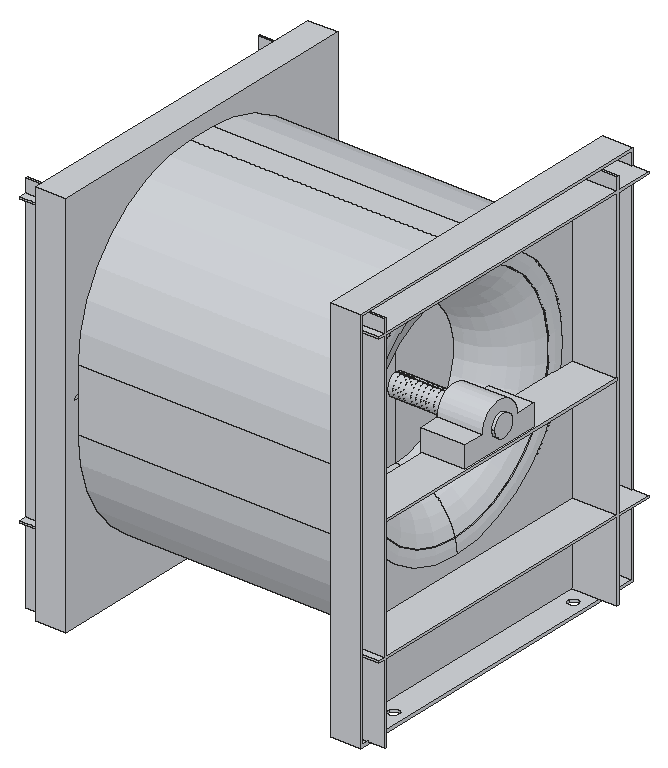
Revit family "CA-4_DWDI_ARR_3_CW_BHD", category Mechanical Equipment, Revit 2019
Family settings
  Round Connector Dimension = Use Radius
  Part Type = Normal
  Work Plane-Based = No
  Always vertical = Yes
  Cut with Voids When Loaded = No
  Shared = No
  Room Calculation Point = No
Parameters (values of type "120_CA-4_DWDI_ARR_3_CW_BHD_CLASS_1")
  T/2 = T / 2  # 11/32"
  T = 11/16"
  S = 7 1/2"
  P/2 = P / 2  # 9 31/32"
  P = 19 15/16"
  O = 9 31/32"
  N/2 = N / 2  # 23/32"
  N*2 = N * 2  # 2 7/8"
  N = 1 7/16"
  ModelID [instance] = ""
  M = 5 3/4"
  L = 28 11/16"
  J-.125" = J - 1/8"  # 1 7/8"
  J*1.5 = J * 1.5  # 3"
  INLET_RAD+1.5" = INLET_RAD + 1 1/2"  # 9 5/8"
  E-(INLET_RAD+1.5") = E - (INLET_RAD + 1 1/2")  # 5 9/16"
  E+(INLET_RAD+1.5") = E + (INLET_RAD + 1 1/2")  # 24 13/16"
  BHD_E = 10 3/4"
  Accessories [instance] = ""
  -M = -M  # -5 3/4"
  -J*1.5 = -J * 1.5  # -3"
  J = 2"
  Unit Weight [instance] = ""
  INLET_RAD/2 = INLET_RAD / 2  # 4 1/16"
  INLET_RAD = INLET_DIA / 2  # 8 1/8"
  INLET_DIA = 16 1/4"
  H = 2"
  G = 10 3/8"
  Sones [instance] = ""
  F/8 = F / 8  # 2 27/32"
  F/2 = F / 2  # 11 3/8"
  F = 22 3/4"
  Motor RPM [instance] = ""
  Motor Enclosure [instance] = ""
  LwA [instance] = ""
  Fan RPM [instance] = ""
  E = D - BHD_E  # 15 3/16"
  D/2 = D / 2  # 12 31/32"
  D = 25 15/16"
  B/2 = B / 2  # 8 27/32"
  B+.25" = B + 1/4"  # 17 15/16"
  B = 17 11/16"
  A+.25" = A + 1/4"  # 12 3/8"
  A = 12 1/8"
  3" = 3"  # constant formula
  Brake Hp [instance] = ""
  4" = 4"  # constant formula
  2' = 24"
  2" = 2"  # constant formula
  1" = 1"  # constant formula
  0 = 0"  # constant formula
  Voltage [instance] = 0 V
  URL = "www.lorencook.com"
  Type Comments = "Airfoil Centrifugal Blower Arrangement 3 Clockwise Bottom Horizontal Discharge"  # constant formula
  Static Pressure [instance] = 0.00 in-wg
  Power [instance] = Voltage * Motor FLA * sqrt(if(Phase = 3, 3, 1))  # 0 VA
  Phase [instance] = 0
  Number of Poles [instance] = 1
  Motor Hp [instance] = "0"
  Motor FLA [instance] = 0 A
  Model = "CA-4 DWDI CW BHD Class 1"
  Manufacturer = "Loren Cook Company"
  CFM [instance] = 0 CFM
  1.5 = 1 1/2"  # constant formula
  ONE EIGTH = 1/8"  # constant formula
  -L+M = -L + M  # -22 15/16"
  -B = -B  # -17 11/16"
  -(B/2)-J = -(B / 2) - J  # -10 27/32"
  -B/2 = -B / 2  # -8 27/32"
  (F/2)-S = (F / 2) - S  # 3 7/8"
  (B/2)+J = (B / 2) + J  # 10 27/32"
Types (55): name | T/2 | T | S | P/2 | P | O | N/2 | N*2 | N | M | L | J-.125" | J*1.5 | INLET_RAD+1.5" | E-(INLET_RAD+1.5") | E+(INLET_RAD+1.5") | BHD_E | -M | -J*1.5 | J | INLET_RAD/2 | INLET_RAD | INLET_DIA | H | G | F/8 | F/2 | F | E | D/2 | D | B/2 | B+.25" | B | A+.25" | A | Model | -L+M | -B | -(B/2)-J | -B/2 | (F/2)-S | (B/2)+J
  (no name) | 11/32" | 11/16" | 7 1/2" | 9 31/32" | 19 15/16" | 9 31/32" | 23/32" | 2 7/8" | 1 7/16" | 5 3/4" | 28 11/16" | 1 7/8" | 3" | 9 5/8" | 5 9/16" | 24 13/16" | 10 3/4" | -5 3/4" | -3" | 2" | 4 1/16" | 8 1/8" | 16 1/4" | 2" | 10 3/8" | 2 27/32" | 11 3/8" | 22 3/4" | 15 3/16" | 12 31/32" | 25 15/16" | 8 27/32" | 17 15/16" | 17 11/16" | 12 3/8" | 12 1/8" | "CA-4 DWDI CW BHD Class 1" | -22 15/16" | -17 11/16" | -10 27/32" | -8 27/32" | 3 7/8" | 10 27/32"
  120_CA-4_DWDI_ARR_3_CW_BHD_CLASS_1 | 11/32" | 11/16" | 7 1/2" | 9 31/32" | 19 15/16" | 9 31/32" | 23/32" | 2 7/8" | 1 7/16" | 5 3/4" | 28 11/16" | 1 7/8" | 3" | 9 5/8" | 5 9/16" | 24 13/16" | 10 3/4" | -5 3/4" | -3" | 2" | 4 1/16" | 8 1/8" | 16 1/4" | 2" | 10 3/8" | 2 27/32" | 11 3/8" | 22 3/4" | 15 3/16" | 12 31/32" | 25 15/16" | 8 27/32" | 17 15/16" | 17 11/16" | 12 3/8" | 12 1/8" | "CA-4 DWDI CW BHD Class 1" | -22 15/16" | -17 11/16" | -10 27/32" | -8 27/32" | 3 7/8" | 10 27/32"
  120_CA-4_DWDI_ARR_3_CW_BHD_CLASS_2 | 11/32" | 11/16" | 7 1/2" | 9 31/32" | 19 15/16" | 9 31/32" | 27/32" | 3 3/8" | 1 11/16" | 6 1/8" | 29 7/16" | 1 7/8" | 3" | 9 5/8" | 5 9/16" | 24 13/16" | 10 3/4" | -6 1/8" | -3" | 2" | 4 1/16" | 8 1/8" | 16 1/4" | 2" | 10 3/8" | 2 27/32" | 11 3/8" | 22 3/4" | 15 3/16" | 12 31/32" | 25 15/16" | 8 27/32" | 17 15/16" | 17 11/16" | 12 3/8" | 12 1/8" | "CA-4 DWDI CW BHD Class 2" | -23 5/16" | -17 11/16" | -10 27/32" | -8 27/32" | 3 7/8" | 10 27/32"
  120_CA-4_DWDI_ARR_3_CW_BHD_CLASS_3 | 11/32" | 11/16" | 7 1/2" | 9 31/32" | 19 15/16" | 9 31/32" | 31/32" | 3 7/8" | 1 15/16" | 6 3/8" | 29 15/16" | 1 7/8" | 3" | 9 5/8" | 5 9/16" | 24 13/16" | 10 3/4" | -6 3/8" | -3" | 2" | 4 1/16" | 8 1/8" | 16 1/4" | 2" | 10 3/8" | 2 27/32" | 11 3/8" | 22 3/4" | 15 3/16" | 12 31/32" | 25 15/16" | 8 27/32" | 17 15/16" | 17 11/16" | 12 3/8" | 12 1/8" | "CA-4 DWDI CW BHD Class 3" | -23 9/16" | -17 11/16" | -10 27/32" | -8 27/32" | 3 7/8" | 10 27/32"
  135_CA-4_DWDI_ARR_3_CW_BHD_CLASS_1 | 11/32" | 11/16" | 8 1/2" | 11 3/32" | 22 3/16" | 11 3/32" | 23/32" | 2 7/8" | 1 7/16" | 5 3/4" | 30 15/16" | 1 7/8" | 3" | 10 3/8" | 6 7/16" | 27 3/16" | 12" | -5 3/4" | -3" | 2" | 4 7/16" | 8 7/8" | 17 3/4" | 2" | 11 5/8" | 3 3/16" | 12 3/4" | 25 1/2" | 16 13/16" | 14 13/32" | 28 13/16" | 9 31/32" | 20 3/16" | 19 15/16" | 13 7/8" | 13 5/8" | "CA-4 DWDI CW BHD Class 1" | -25 3/16" | -19 15/16" | -11 31/32" | -9 31/32" | 4 1/4" | 11 31/32"
  135_CA-4_DWDI_ARR_3_CW_BHD_CLASS_2 | 11/32" | 11/16" | 8 1/2" | 11 3/32" | 22 3/16" | 11 3/32" | 27/32" | 3 3/8" | 1 11/16" | 6 1/8" | 31 11/16" | 1 7/8" | 3" | 10 3/8" | 6 7/16" | 27 3/16" | 12" | -6 1/8" | -3" | 2" | 4 7/16" | 8 7/8" | 17 3/4" | 2" | 11 5/8" | 3 3/16" | 12 3/4" | 25 1/2" | 16 13/16" | 14 13/32" | 28 13/16" | 9 31/32" | 20 3/16" | 19 15/16" | 13 7/8" | 13 5/8" | "CA-4 DWDI CW BHD Class 2" | -25 9/16" | -19 15/16" | -11 31/32" | -9 31/32" | 4 1/4" | 11 31/32"
  135_CA-4_DWDI_ARR_3_CW_BHD_CLASS_3 | 11/32" | 11/16" | 8 1/2" | 11 3/32" | 22 3/16" | 11 3/32" | 1 3/32" | 4 3/8" | 2 3/16" | 6 5/8" | 32 11/16" | 1 7/8" | 3" | 10 3/8" | 6 7/16" | 27 3/16" | 12" | -6 5/8" | -3" | 2" | 4 7/16" | 8 7/8" | 17 3/4" | 2" | 11 5/8" | 3 3/16" | 12 3/4" | 25 1/2" | 16 13/16" | 14 13/32" | 28 13/16" | 9 31/32" | 20 3/16" | 19 15/16" | 13 7/8" | 13 5/8" | "CA-4 DWDI CW BHD Class 3" | -26 1/16" | -19 15/16" | -11 31/32" | -9 31/32" | 4 1/4" | 11 31/32"
  150_CA-4_DWDI_ARR_3_CW_BHD_CLASS_1 | 11/32" | 11/16" | 9" | 12 1/8" | 24 1/4" | 12 1/8" | 27/32" | 3 3/8" | 1 11/16" | 6 5/8" | 34 1/4" | 1 7/8" | 3" | 11 1/8" | 7 5/16" | 29 9/16" | 13 1/4" | -6 5/8" | -3" | 2" | 4 13/16" | 9 5/8" | 19 1/4" | 2" | 12 7/8" | 3 33/64" | 14 1/16" | 28 1/8" | 18 7/16" | 15 27/32" | 31 11/16" | 11" | 22 1/4" | 22" | 15 1/2" | 15 1/4" | "CA-4 DWDI CW BHD Class 1" | -27 5/8" | -22" | -13" | -11" | 5 1/16" | 13"
  150_CA-4_DWDI_ARR_3_CW_BHD_CLASS_2 | 11/32" | 11/16" | 9" | 12 1/8" | 24 1/4" | 12 1/8" | 31/32" | 3 7/8" | 1 15/16" | 6 7/8" | 34 3/4" | 1 7/8" | 3" | 11 1/8" | 7 5/16" | 29 9/16" | 13 1/4" | -6 7/8" | -3" | 2" | 4 13/16" | 9 5/8" | 19 1/4" | 2" | 12 7/8" | 3 33/64" | 14 1/16" | 28 1/8" | 18 7/16" | 15 27/32" | 31 11/16" | 11" | 22 1/4" | 22" | 15 1/2" | 15 1/4" | "CA-4 DWDI CW BHD Class 2" | -27 7/8" | -22" | -13" | -11" | 5 1/16" | 13"
  150_CA-4_DWDI_ARR_3_CW_BHD_CLASS_3 | 11/32" | 11/16" | 9" | 12 1/8" | 24 1/4" | 12 1/8" | 1 7/32" | 4 7/8" | 2 7/16" | 7 1/4" | 35 1/2" | 1 7/8" | 3" | 11 1/8" | 7 5/16" | 29 9/16" | 13 1/4" | -7 1/4" | -3" | 2" | 4 13/16" | 9 5/8" | 19 1/4" | 2" | 12 7/8" | 3 33/64" | 14 1/16" | 28 1/8" | 18 7/16" | 15 27/32" | 31 11/16" | 11" | 22 1/4" | 22" | 15 1/2" | 15 1/4" | "CA-4 DWDI CW BHD Class 3" | -28 1/4" | -22" | -13" | -11" | 5 1/16" | 13"
  165_CA-4_DWDI_ARR_3_CW_BHD_CLASS_1 | 11/32" | 11/16" | 10" | 13 1/8" | 26 1/4" | 13 1/8" | 27/32" | 3 3/8" | 1 11/16" | 6 5/8" | 36 1/4" | 1 7/8" | 3" | 12 1/8" | 7 15/16" | 32 3/16" | 14 3/8" | -6 5/8" | -3" | 2" | 5 5/16" | 10 5/8" | 21 1/4" | 2" | 14 1/4" | 3 55/64" | 15 7/16" | 30 7/8" | 20 1/16" | 17 7/32" | 34 7/16" | 12" | 24 1/4" | 24" | 17 3/16" | 16 15/16" | "CA-4 DWDI CW BHD Class 1" | -29 5/8" | -24" | -14" | -12" | 5 7/16" | 14"
  165_CA-4_DWDI_ARR_3_CW_BHD_CLASS_2 | 11/32" | 11/16" | 10" | 13 1/8" | 26 1/4" | 13 1/8" | 31/32" | 3 7/8" | 1 15/16" | 6 7/8" | 36 3/4" | 1 7/8" | 3" | 12 1/8" | 7 15/16" | 32 3/16" | 14 3/8" | -6 7/8" | -3" | 2" | 5 5/16" | 10 5/8" | 21 1/4" | 2" | 14 1/4" | 3 55/64" | 15 7/16" | 30 7/8" | 20 1/16" | 17 7/32" | 34 7/16" | 12" | 24 1/4" | 24" | 17 3/16" | 16 15/16" | "CA-4 DWDI CW BHD Class 2" | -29 7/8" | -24" | -14" | -12" | 5 7/16" | 14"
  165_CA-4_DWDI_ARR_3_CW_BHD_CLASS_3 | 11/32" | 11/16" | 10" | 13 1/8" | 26 1/4" | 13 1/8" | 1 7/32" | 4 7/8" | 2 7/16" | 7 3/16" | 37 1/2" | 1 7/8" | 3" | 12 1/8" | 7 15/16" | 32 3/16" | 14 3/8" | -7 3/16" | -3" | 2" | 5 5/16" | 10 5/8" | 21 1/4" | 2" | 14 1/4" | 3 55/64" | 15 7/16" | 30 7/8" | 20 1/16" | 17 7/32" | 34 7/16" | 12" | 24 1/4" | 24" | 17 3/16" | 16 15/16" | "CA-4 DWDI CW BHD Class 3" | -30 5/16" | -24" | -14" | -12" | 5 7/16" | 14"
  180_CA-4_DWDI_ARR_3_CW_BHD_CLASS_1 | 11/32" | 11/16" | 11" | 14 5/32" | 28 5/16" | 14 5/32" | 27/32" | 3 3/8" | 1 11/16" | 7 1/8" | 38 13/16" | 1 7/8" | 3" | 12 7/8" | 8 13/16" | 34 9/16" | 15 5/8" | -7 1/8" | -3" | 2" | 5 11/16" | 11 3/8" | 22 3/4" | 2" | 15 1/2" | 4 13/64" | 16 13/16" | 33 5/8" | 21 11/16" | 18 21/32" | 37 5/16" | 13 1/32" | 26 5/16" | 26 1/16" | 18 3/4" | 18 1/2" | "CA-4 DWDI CW BHD Class 1" | -31 11/16" | -26 1/16" | -15 1/32" | -13 1/32" | 5 13/16" | 15 1/32"
  180_CA-4_DWDI_ARR_3_CW_BHD_CLASS_2 | 11/32" | 11/16" | 11" | 14 5/32" | 28 5/16" | 14 5/32" | 31/32" | 3 7/8" | 1 15/16" | 7 3/8" | 39 5/16" | 1 7/8" | 3" | 12 7/8" | 8 13/16" | 34 9/16" | 15 5/8" | -7 3/8" | -3" | 2" | 5 11/16" | 11 3/8" | 22 3/4" | 2" | 15 1/2" | 4 13/64" | 16 13/16" | 33 5/8" | 21 11/16" | 18 21/32" | 37 5/16" | 13 1/32" | 26 5/16" | 26 1/16" | 18 3/4" | 18 1/2" | "CA-4 DWDI CW BHD Class 2" | -31 15/16" | -26 1/16" | -15 1/32" | -13 1/32" | 5 13/16" | 15 1/32"
  180_CA-4_DWDI_ARR_3_CW_BHD_CLASS_3 | 11/32" | 11/16" | 11" | 14 5/32" | 28 5/16" | 14 5/32" | 1 7/32" | 4 7/8" | 2 7/16" | 7 3/4" | 40 1/16" | 1 7/8" | 3" | 12 7/8" | 8 13/16" | 34 9/16" | 15 5/8" | -7 3/4" | -3" | 2" | 5 11/16" | 11 3/8" | 22 3/4" | 2" | 15 1/2" | 4 13/64" | 16 13/16" | 33 5/8" | 21 11/16" | 18 21/32" | 37 5/16" | 13 1/32" | 26 5/16" | 26 1/16" | 18 3/4" | 18 1/2" | "CA-4 DWDI CW BHD Class 3" | -32 5/16" | -26 1/16" | -15 1/32" | -13 1/32" | 5 13/16" | 15 1/32"
  195_CA-4_DWDI_ARR_3_CW_BHD_CLASS_1 | 11/32" | 11/16" | 11 1/2" | 15 11/32" | 30 11/16" | 15 11/32" | 31/32" | 3 7/8" | 1 15/16" | 7 1/4" | 41 11/16" | 1 7/8" | 3" | 13 5/8" | 9 11/16" | 36 15/16" | 16 3/4" | -7 1/4" | -3" | 2" | 6 1/16" | 12 1/8" | 24 1/4" | 2" | 16 3/4" | 4 17/32" | 18 1/8" | 36 1/4" | 23 5/16" | 20 1/32" | 40 1/16" | 14 7/32" | 28 11/16" | 28 7/16" | 19 3/4" | 19 1/2" | "CA-4 DWDI CW BHD Class 1" | -34 7/16" | -28 7/16" | -16 7/32" | -14 7/32" | 6 5/8" | 16 7/32"
  195_CA-4_DWDI_ARR_3_CW_BHD_CLASS_2 | 11/32" | 11/16" | 11 1/2" | 15 11/32" | 30 11/16" | 15 11/32" | 1 3/32" | 4 3/8" | 2 3/16" | 7 5/8" | 42 3/16" | 1 7/8" | 3" | 13 5/8" | 9 11/16" | 36 15/16" | 16 3/4" | -7 5/8" | -3" | 2" | 6 1/16" | 12 1/8" | 24 1/4" | 2" | 16 3/4" | 4 17/32" | 18 1/8" | 36 1/4" | 23 5/16" | 20 1/32" | 40 1/16" | 14 7/32" | 28 11/16" | 28 7/16" | 19 3/4" | 19 1/2" | "CA-4 DWDI CW BHD Class 2" | -34 9/16" | -28 7/16" | -16 7/32" | -14 7/32" | 6 5/8" | 16 7/32"
  195_CA-4_DWDI_ARR_3_CW_BHD_CLASS_3 | 11/32" | 11/16" | 11 1/2" | 15 11/32" | 30 11/16" | 15 11/32" | 1 11/32" | 5 3/8" | 2 11/16" | 8" | 42 15/16" | 1 7/8" | 3" | 13 5/8" | 9 11/16" | 36 15/16" | 16 3/4" | -8" | -3" | 2" | 6 1/16" | 12 1/8" | 24 1/4" | 2" | 16 3/4" | 4 17/32" | 18 1/8" | 36 1/4" | 23 5/16" | 20 1/32" | 40 1/16" | 14 7/32" | 28 11/16" | 28 7/16" | 19 3/4" | 19 1/2" | "CA-4 DWDI CW BHD Class 3" | -34 15/16" | -28 7/16" | -16 7/32" | -14 7/32" | 6 5/8" | 16 7/32"
  210_CA-4_DWDI_ARR_3_CW_BHD_CLASS_1 | 15/32" | 15/16" | 12" | 16 5/16" | 32 5/8" | 6 5/16" | 31/32" | 3 7/8" | 1 15/16" | 7 7/8" | 44 1/8" | 1 7/8" | 3" | 14 1/2" | 10 7/16" | 39 7/16" | 18" | -7 7/8" | -3" | 2" | 6 1/2" | 13" | 26" | 2" | 18 1/8" | 4 57/64" | 19 9/16" | 39 1/8" | 24 15/16" | 21 15/32" | 42 15/16" | 15 3/16" | 30 5/8" | 30 3/8" | 21 7/8" | 21 5/8" | "CA-4 DWDI CW BHD Class 1" | -36 1/4" | -30 3/8" | -17 3/16" | -15 3/16" | 7 9/16" | 17 3/16"
  210_CA-4_DWDI_ARR_3_CW_BHD_CLASS_2 | 15/32" | 15/16" | 12" | 16 5/16" | 32 5/8" | 6 5/16" | 1 3/32" | 4 3/8" | 2 3/16" | 8 1/8" | 44 5/8" | 1 7/8" | 3" | 14 1/2" | 10 7/16" | 39 7/16" | 18" | -8 1/8" | -3" | 2" | 6 1/2" | 13" | 26" | 2" | 18 1/8" | 4 57/64" | 19 9/16" | 39 1/8" | 24 15/16" | 21 15/32" | 42 15/16" | 15 3/16" | 30 5/8" | 30 3/8" | 21 7/8" | 21 5/8" | "CA-4 DWDI CW BHD Class 2" | -36 1/2" | -30 3/8" | -17 3/16" | -15 3/16" | 7 9/16" | 17 3/16"
  210_CA-4_DWDI_ARR_3_CW_BHD_CLASS_3 | 15/32" | 15/16" | 12" | 16 5/16" | 32 5/8" | 6 5/16" | 1 11/32" | 5 3/8" | 2 11/16" | 8 1/2" | 45 3/8" | 1 7/8" | 3" | 14 1/2" | 10 7/16" | 39 7/16" | 18" | -8 1/2" | -3" | 2" | 6 1/2" | 13" | 26" | 2" | 18 1/8" | 4 57/64" | 19 9/16" | 39 1/8" | 24 15/16" | 21 15/32" | 42 15/16" | 15 3/16" | 30 5/8" | 30 3/8" | 21 7/8" | 21 5/8" | "CA-4 DWDI CW BHD Class 3" | -36 7/8" | -30 3/8" | -17 3/16" | -15 3/16" | 7 9/16" | 17 3/16"
  225_CA-4_DWDI_ARR_3_CW_BHD_CLASS_1 | 15/32" | 15/16" | 12 1/2" | 17 3/8" | 34 3/4" | 17 3/8" | 31/32" | 3 7/8" | 1 15/16" | 7 7/8" | 46 1/4" | 1 7/8" | 3" | 15 1/4" | 11 5/16" | 41 13/16" | 19 1/4" | -7 7/8" | -3" | 2" | 6 7/8" | 13 3/4" | 27 1/2" | 2" | 19 3/8" | 5 7/32" | 20 7/8" | 41 3/4" | 26 9/16" | 22 29/32" | 45 13/16" | 16 1/4" | 32 3/4" | 32 1/2" | 23 7/16" | 23 3/16" | "CA-4 DWDI CW BHD Class 1" | -38 3/8" | -32 1/2" | -18 1/4" | -16 1/4" | 8 3/8" | 18 1/4"
  225_CA-4_DWDI_ARR_3_CW_BHD_CLASS_2 | 15/32" | 15/16" | 12 1/2" | 17 3/8" | 34 3/4" | 17 3/8" | 1 7/32" | 4 7/8" | 2 7/16" | 8 1/4" | 47" | 1 7/8" | 3" | 15 1/4" | 11 5/16" | 41 13/16" | 19 1/4" | -8 1/4" | -3" | 2" | 6 7/8" | 13 3/4" | 27 1/2" | 2" | 19 3/8" | 5 7/32" | 20 7/8" | 41 3/4" | 26 9/16" | 22 29/32" | 45 13/16" | 16 1/4" | 32 3/4" | 32 1/2" | 23 7/16" | 23 3/16" | "CA-4 DWDI CW BHD Class 2" | -38 3/4" | -32 1/2" | -18 1/4" | -16 1/4" | 8 3/8" | 18 1/4"
  225_CA-4_DWDI_ARR_3_CW_BHD_CLASS_3 | 15/32" | 15/16" | 12 1/2" | 17 3/8" | 34 3/4" | 17 3/8" | 1 15/32" | 5 7/8" | 2 15/16" | 8 1/2" | 47 1/2" | 1 7/8" | 3" | 15 1/4" | 11 5/16" | 41 13/16" | 19 1/4" | -8 1/2" | -3" | 2" | 6 7/8" | 13 3/4" | 27 1/2" | 2" | 19 3/8" | 5 7/32" | 20 7/8" | 41 3/4" | 26 9/16" | 22 29/32" | 45 13/16" | 16 1/4" | 32 3/4" | 32 1/2" | 23 7/16" | 23 3/16" | "CA-4 DWDI CW BHD Class 3" | -39" | -32 1/2" | -18 1/4" | -16 1/4" | 8 3/8" | 18 1/4"
  245_CA-4_DWDI_ARR_3_CW_BHD_CLASS_1 | 15/32" | 15/16" | 12 1/2" | 18 21/32" | 37 5/16" | 18 21/32" | 1 3/32" | 4 3/8" | 2 3/16" | 8 5/8" | 49 13/16" | 1 7/8" | 3" | 16 1/4" | 12 1/2" | 45" | 20 7/8" | -8 5/8" | -3" | 2" | 7 3/8" | 14 3/4" | 29 1/2" | 2" | 21 1/8" | 5 43/64" | 22 11/16" | 45 3/8" | 28 3/4" | 24 13/16" | 49 5/8" | 17 17/32" | 35 5/16" | 35 1/16" | 25 3/4" | 25 1/2" | "CA-4 DWDI CW BHD Class 1" | -41 3/16" | -35 1/16" | -19 17/32" | -17 17/32" | 10 3/16" | 19 17/32"
  245_CA-4_DWDI_ARR_3_CW_BHD_CLASS_2 | 15/32" | 15/16" | 12 1/2" | 18 21/32" | 37 5/16" | 18 21/32" | 1 7/32" | 4 7/8" | 2 7/16" | 8 3/4" | 50 1/16" | 1 7/8" | 3" | 16 1/4" | 12 1/2" | 45" | 20 7/8" | -8 3/4" | -3" | 2" | 7 3/8" | 14 3/4" | 29 1/2" | 2" | 21 1/8" | 5 43/64" | 22 11/16" | 45 3/8" | 28 3/4" | 24 13/16" | 49 5/8" | 17 17/32" | 35 5/16" | 35 1/16" | 25 3/4" | 25 1/2" | "CA-4 DWDI CW BHD Class 2" | -41 5/16" | -35 1/16" | -19 17/32" | -17 17/32" | 10 3/16" | 19 17/32"
  245_CA-4_DWDI_ARR_3_CW_BHD_CLASS_3 | 15/32" | 15/16" | 12 1/2" | 18 21/32" | 37 5/16" | 18 21/32" | 1 3/32" | 4 3/8" | 2 3/16" | 8 3/4" | 50 11/16" | 1 7/8" | 3" | 16 1/4" | 12 1/2" | 45" | 20 7/8" | -8 3/4" | -3" | 2" | 7 3/8" | 14 3/4" | 29 1/2" | 2" | 21 1/8" | 5 43/64" | 22 11/16" | 45 3/8" | 28 3/4" | 24 13/16" | 49 5/8" | 17 17/32" | 35 5/16" | 35 1/16" | 25 3/4" | 25 1/2" | "CA-4 DWDI CW BHD Class 3" | -41 15/16" | -35 1/16" | -19 17/32" | -17 17/32" | 10 3/16" | 19 17/32"
  270_CA-4_DWDI_ARR_3_CW_BHD_CLASS_1 | 15/32" | 15/16" | 15" | 20 27/32" | 41 11/16" | 20 27/32" | 1 3/32" | 4 3/8" | 2 3/16" | 8 5/8" | 54 3/16" | 1 7/8" | 3" | 17 1/2" | 14" | 49" | 23 3/8" | -8 5/8" | -3" | 2" | 8" | 16" | 32" | 2" | 23 1/4" | 6 15/64" | 24 15/16" | 49 7/8" | 31 1/2" | 27 7/16" | 54 7/8" | 19 23/32" | 39 11/16" | 39 7/16" | 27 3/4" | 27 1/2" | "CA-4 DWDI CW BHD Class 1" | -45 9/16" | -39 7/16" | -21 23/32" | -19 23/32" | 9 15/16" | 21 23/32"
  270_CA-4_DWDI_ARR_3_CW_BHD_CLASS_2 | 15/32" | 15/16" | 15" | 20 27/32" | 41 11/16" | 20 27/32" | 1 11/32" | 5 3/8" | 2 11/16" | 9" | 54 15/16" | 1 7/8" | 3" | 17 1/2" | 14" | 49" | 23 3/8" | -9" | -3" | 2" | 8" | 16" | 32" | 2" | 23 1/4" | 6 15/64" | 24 15/16" | 49 7/8" | 31 1/2" | 27 7/16" | 54 7/8" | 19 23/32" | 39 11/16" | 39 7/16" | 27 3/4" | 27 1/2" | "CA-4 DWDI CW BHD Class 2" | -45 15/16" | -39 7/16" | -21 23/32" | -19 23/32" | 9 15/16" | 21 23/32"
  270_CA-4_DWDI_ARR_3_CW_BHD_CLASS_3 | 15/32" | 15/16" | 15" | 20 27/32" | 41 11/16" | 20 27/32" | 1 3/32" | 4 3/8" | 2 3/16" | 8 3/4" | 55 1/16" | 1 7/8" | 3" | 17 1/2" | 14" | 49" | 23 3/8" | -8 3/4" | -3" | 2" | 8" | 16" | 32" | 2" | 23 1/4" | 6 15/64" | 24 15/16" | 49 7/8" | 31 1/2" | 27 7/16" | 54 7/8" | 19 23/32" | 39 11/16" | 39 7/16" | 27 3/4" | 27 1/2" | "CA-4 DWDI CW BHD Class 3" | -46 5/16" | -39 7/16" | -21 23/32" | -19 23/32" | 9 15/16" | 21 23/32"
  300_CA-4_DWDI_ARR_3_CW_BHD_CLASS_1 | 15/32" | 15/16" | 16 1/2" | 22 5/8" | 45 1/4" | 22 5/8" | 1 7/32" | 4 7/8" | 2 7/16" | 9 1/4" | 58 1/2" | 1 7/8" | 3" | 19" | 15 3/4" | 53 3/4" | 25 3/8" | -9 1/4" | -3" | 2" | 8 3/4" | 17 1/2" | 35" | 2" | 25 7/8" | 6 59/64" | 27 11/16" | 55 3/8" | 34 3/4" | 30 1/16" | 60 1/8" | 21 1/2" | 43 1/4" | 43" | 31 7/16" | 31 3/16" | "CA-4 DWDI CW BHD Class 1" | -49 1/4" | -43" | -23 1/2" | -21 1/2" | 11 3/16" | 23 1/2"
  300_CA-4_DWDI_ARR_3_CW_BHD_CLASS_2 | 15/32" | 15/16" | 16 1/2" | 22 5/8" | 45 1/4" | 22 5/8" | 1 11/32" | 5 3/8" | 2 11/16" | 9 1/2" | 59" | 1 7/8" | 3" | 19" | 15 3/4" | 53 3/4" | 25 3/8" | -9 1/2" | -3" | 2" | 8 3/4" | 17 1/2" | 35" | 2" | 25 7/8" | 6 59/64" | 27 11/16" | 55 3/8" | 34 3/4" | 30 1/16" | 60 1/8" | 21 1/2" | 43 1/4" | 43" | 31 7/16" | 31 3/16" | "CA-4 DWDI CW BHD Class 2" | -49 1/2" | -43" | -23 1/2" | -21 1/2" | 11 3/16" | 23 1/2"
  300_CA-4_DWDI_ARR_3_CW_BHD_CLASS_3 | 15/32" | 15/16" | 16 1/2" | 22 5/8" | 45 1/4" | 22 5/8" | 1 7/32" | 4 7/8" | 2 7/16" | 9 1/2" | 59 3/8" | 1 7/8" | 3" | 19" | 15 3/4" | 53 3/4" | 25 3/8" | -9 1/2" | -3" | 2" | 8 3/4" | 17 1/2" | 35" | 2" | 25 7/8" | 6 59/64" | 27 11/16" | 55 3/8" | 34 3/4" | 30 1/16" | 60 1/8" | 21 1/2" | 43 1/4" | 43" | 31 7/16" | 31 3/16" | "CA-4 DWDI CW BHD Class 3" | -49 7/8" | -43" | -23 1/2" | -21 1/2" | 11 3/16" | 23 1/2"
  330_CA-4_DWDI_ARR_3_CW_BHD_CLASS_1 | 15/32" | 15/16" | 18" | 24 21/32" | 49 5/16" | 24 21/32" | 1 11/32" | 5 3/8" | 2 11/16" | 10 1/16" | 63 9/16" | 1 7/8" | 3" | 20 1/2" | 17 9/16" | 58 9/16" | 27 7/8" | -10 1/16" | -3" | 2" | 9 1/2" | 19" | 38" | 2" | 28 3/8" | 7 19/32" | 30 3/8" | 60 3/4" | 38 1/16" | 32 31/32" | 65 15/16" | 23 17/32" | 47 5/16" | 47 1/16" | 34 3/4" | 34 1/2" | "CA-4 DWDI CW BHD Class 1" | -53 1/2" | -47 1/16" | -25 17/32" | -23 17/32" | 12 3/8" | 25 17/32"
  330_CA-4_DWDI_ARR_3_CW_BHD_CLASS_2 | 15/32" | 15/16" | 18" | 24 21/32" | 49 5/16" | 24 21/32" | 1 3/32" | 4 3/8" | 2 3/16" | 9 5/8" | 63 11/16" | 1 7/8" | 3" | 20 1/2" | 17 9/16" | 58 9/16" | 27 7/8" | -9 5/8" | -3" | 2" | 9 1/2" | 19" | 38" | 2" | 28 3/8" | 7 19/32" | 30 3/8" | 60 3/4" | 38 1/16" | 32 31/32" | 65 15/16" | 23 17/32" | 47 5/16" | 47 1/16" | 34 3/4" | 34 1/2" | "CA-4 DWDI CW BHD Class 2" | -54 1/16" | -47 1/16" | -25 17/32" | -23 17/32" | 12 3/8" | 25 17/32"
  330_CA-4_DWDI_ARR_3_CW_BHD_CLASS_3 | 15/32" | 15/16" | 18" | 24 21/32" | 49 5/16" | 24 21/32" | 1 7/32" | 4 7/8" | 2 7/16" | 10" | 63 15/16" | 1 7/8" | 3" | 20 1/2" | 17 9/16" | 58 9/16" | 27 7/8" | -10" | -3" | 2" | 9 1/2" | 19" | 38" | 2" | 28 3/8" | 7 19/32" | 30 3/8" | 60 3/4" | 38 1/16" | 32 31/32" | 65 15/16" | 23 17/32" | 47 5/16" | 47 1/16" | 34 3/4" | 34 1/2" | "CA-4 DWDI CW BHD Class 3" | -53 15/16" | -47 1/16" | -25 17/32" | -23 17/32" | 12 3/8" | 25 17/32"
  365_CA-4_DWDI_ARR_3_CW_BHD_CLASS_1 | 15/32" | 15/16" | 20" | 27 7/32" | 54 7/16" | 27 7/32" | 1 3/32" | 4 3/8" | 2 3/16" | 10 5/16" | 69 5/16" | 1 7/8" | 3" | 22 1/4" | 19 5/8" | 64 1/8" | 30 5/8" | -10 5/16" | -3" | 2" | 10 3/8" | 20 3/4" | 41 1/2" | 2" | 31 3/8" | 8 3/8" | 33 1/2" | 67" | 41 7/8" | 36 1/4" | 72 1/2" | 26 3/32" | 52 7/16" | 52 3/16" | 38 15/16" | 38 11/16" | "CA-4 DWDI CW BHD Class 1" | -59" | -52 3/16" | -28 3/32" | -26 3/32" | 13 1/2" | 28 3/32"
  365_CA-4_DWDI_ARR_3_CW_BHD_CLASS_2 | 15/32" | 15/16" | 20" | 27 7/32" | 54 7/16" | 27 7/32" | 1 7/32" | 4 7/8" | 2 7/16" | 10 1/2" | 69 9/16" | 1 7/8" | 3" | 22 1/4" | 19 5/8" | 64 1/8" | 30 5/8" | -10 1/2" | -3" | 2" | 10 3/8" | 20 3/4" | 41 1/2" | 2" | 31 3/8" | 8 3/8" | 33 1/2" | 67" | 41 7/8" | 36 1/4" | 72 1/2" | 26 3/32" | 52 7/16" | 52 3/16" | 38 15/16" | 38 11/16" | "CA-4 DWDI CW BHD Class 2" | -59 1/16" | -52 3/16" | -28 3/32" | -26 3/32" | 13 1/2" | 28 3/32"
  365_CA-4_DWDI_ARR_3_CW_BHD_CLASS_3 | 15/32" | 15/16" | 20" | 27 7/32" | 54 7/16" | 27 7/32" | 1 11/32" | 5 3/8" | 2 11/16" | 10 1/2" | 70 1/16" | 1 7/8" | 3" | 22 1/4" | 19 5/8" | 64 1/8" | 30 5/8" | -10 1/2" | -3" | 2" | 10 3/8" | 20 3/4" | 41 1/2" | 2" | 31 3/8" | 8 3/8" | 33 1/2" | 67" | 41 7/8" | 36 1/4" | 72 1/2" | 26 3/32" | 52 7/16" | 52 3/16" | 38 15/16" | 38 11/16" | "CA-4 DWDI CW BHD Class 3" | -59 9/16" | -52 3/16" | -28 3/32" | -26 3/32" | 13 1/2" | 28 3/32"
  402_CA-4_DWDI_ARR_3_CW_BHD_CLASS_1 | 17/32" | 1 1/16" | 22" | 30 21/32" | 61 5/16" | 30 21/32" | 1 7/32" | 4 7/8" | 2 7/16" | 10" | 75 11/16" | 2 7/8" | 4 1/2" | 24 1/8" | 22 13/16" | 71 1/16" | 33 5/8" | -10" | -4 1/2" | 3" | 11 5/16" | 22 5/8" | 45 1/4" | 3" | 34 5/8" | 9 15/64" | 36 15/16" | 73 7/8" | 46 15/16" | 40 9/32" | 80 9/16" | 28 29/32" | 58 1/16" | 57 13/16" | 42" | 41 3/4" | "CA-4 DWDI CW BHD Class 1" | -65 11/16" | -57 13/16" | -31 29/32" | -28 29/32" | 14 15/16" | 31 29/32"
  402_CA-4_DWDI_ARR_3_CW_BHD_CLASS_2 | 17/32" | 1 1/16" | 22" | 30 21/32" | 61 5/16" | 30 21/32" | 1 7/32" | 4 7/8" | 2 7/16" | 10" | 75 11/16" | 2 7/8" | 4 1/2" | 24 1/8" | 22 13/16" | 71 1/16" | 33 5/8" | -10" | -4 1/2" | 3" | 11 5/16" | 22 5/8" | 45 1/4" | 3" | 34 5/8" | 9 15/64" | 36 15/16" | 73 7/8" | 46 15/16" | 40 9/32" | 80 9/16" | 28 29/32" | 58 1/16" | 57 13/16" | 42" | 41 3/4" | "CA-4 DWDI CW BHD Class 2" | -65 11/16" | -57 13/16" | -31 29/32" | -28 29/32" | 14 15/16" | 31 29/32"
  402_CA-4_DWDI_ARR_3_CW_BHD_CLASS_3 | 17/32" | 1 1/16" | 22" | 30 21/32" | 61 5/16" | 30 21/32" | 1 11/32" | 5 3/8" | 2 11/16" | 10 1/2" | 76 3/16" | 2 7/8" | 4 1/2" | 24 1/8" | 22 13/16" | 71 1/16" | 33 5/8" | -10 1/2" | -4 1/2" | 3" | 11 5/16" | 22 5/8" | 45 1/4" | 3" | 34 5/8" | 9 15/64" | 36 15/16" | 73 7/8" | 46 15/16" | 40 9/32" | 80 9/16" | 28 29/32" | 58 1/16" | 57 13/16" | 42" | 41 3/4" | "CA-4 DWDI CW BHD Class 3" | -65 11/16" | -57 13/16" | -31 29/32" | -28 29/32" | 14 15/16" | 31 29/32"
  445_CA-4_DWDI_ARR_3_CW_BHD_CLASS_1 | 17/32" | 1 1/16" | 24" | 33 7/8" | 67 3/4" | 33 7/8" | 1 7/32" | 4 7/8" | 2 7/16" | 10 5/8" | 82 5/8" | 2 7/8" | 4 1/2" | 26 1/4" | 25 5/16" | 77 13/16" | 37 1/8" | -10 5/8" | -4 1/2" | 3" | 12 3/8" | 24 3/4" | 49 1/2" | 3" | 38 1/4" | 10 3/16" | 40 3/4" | 81 1/2" | 51 9/16" | 44 11/32" | 88 11/16" | 32 1/8" | 64 1/2" | 64 1/4" | 46 3/16" | 45 15/16" | "CA-4 DWDI CW BHD Class 1" | -72" | -64 1/4" | -35 1/8" | -32 1/8" | 16 3/4" | 35 1/8"
  445_CA-4_DWDI_ARR_3_CW_BHD_CLASS_2 | 17/32" | 1 1/16" | 24" | 33 7/8" | 67 3/4" | 33 7/8" | 1 11/32" | 5 3/8" | 2 11/16" | 11" | 83 1/2" | 2 7/8" | 4 1/2" | 26 1/4" | 25 5/16" | 77 13/16" | 37 1/8" | -11" | -4 1/2" | 3" | 12 3/8" | 24 3/4" | 49 1/2" | 3" | 38 1/4" | 10 3/16" | 40 3/4" | 81 1/2" | 51 9/16" | 44 11/32" | 88 11/16" | 32 1/8" | 64 1/2" | 64 1/4" | 46 3/16" | 45 15/16" | "CA-4 DWDI CW BHD Class 2" | -72 1/2" | -64 1/4" | -35 1/8" | -32 1/8" | 16 3/4" | 35 1/8"
  445_CA-4_DWDI_ARR_3_CW_BHD_CLASS_3 | 17/32" | 1 1/16" | 24" | 33 7/8" | 67 3/4" | 33 7/8" | 1 15/32" | 5 7/8" | 2 15/16" | 11" | 83 1/2" | 2 7/8" | 4 1/2" | 26 1/4" | 25 5/16" | 77 13/16" | 37 1/8" | -11" | -4 1/2" | 3" | 12 3/8" | 24 3/4" | 49 1/2" | 3" | 38 1/4" | 10 3/16" | 40 3/4" | 81 1/2" | 51 9/16" | 44 11/32" | 88 11/16" | 32 1/8" | 64 1/2" | 64 1/4" | 46 3/16" | 45 15/16" | "CA-4 DWDI CW BHD Class 3" | -72 1/2" | -64 1/4" | -35 1/8" | -32 1/8" | 16 3/4" | 35 1/8"
  490_CA-4_DWDI_ARR_3_CW_BHD_CLASS_1 | 17/32" | 1 1/16" | 26 1/2" | 36 13/16" | 73 5/8" | 36 13/16" | 1 15/32" | 5 7/8" | 2 15/16" | 11 1/2" | 89 1/2" | 2 7/8" | 4 1/2" | 29" | 27 7/16" | 85 7/16" | 40 3/4" | -11 1/2" | -4 1/2" | 3" | 13 3/4" | 27 1/2" | 55" | 3" | 42 1/4" | 11 7/32" | 44 7/8" | 89 3/4" | 56 7/16" | 48 19/32" | 97 3/16" | 35 1/16" | 70 3/8" | 70 1/8" | 51 1/4" | 51" | "CA-4 DWDI CW BHD Class 1" | -78" | -70 1/8" | -38 1/16" | -35 1/16" | 18 3/8" | 38 1/16"
  490_CA-4_DWDI_ARR_3_CW_BHD_CLASS_2 | 17/32" | 1 1/16" | 26 1/2" | 36 13/16" | 73 5/8" | 36 13/16" | 1 23/32" | 6 7/8" | 3 7/16" | 12" | 90 3/8" | 2 7/8" | 4 1/2" | 29" | 27 7/16" | 85 7/16" | 40 3/4" | -12" | -4 1/2" | 3" | 13 3/4" | 27 1/2" | 55" | 3" | 42 1/4" | 11 7/32" | 44 7/8" | 89 3/4" | 56 7/16" | 48 19/32" | 97 3/16" | 35 1/16" | 70 3/8" | 70 1/8" | 51 1/4" | 51" | "CA-4 DWDI CW BHD Class 2" | -78 3/8" | -70 1/8" | -38 1/16" | -35 1/16" | 18 3/8" | 38 1/16"
  490_CA-4_DWDI_ARR_3_CW_BHD_CLASS_3 | 17/32" | 1 1/16" | 26 1/2" | 36 13/16" | 73 5/8" | 36 13/16" | 1 23/32" | 6 7/8" | 3 7/16" | 12" | 90 5/8" | 2 7/8" | 4 1/2" | 29" | 27 7/16" | 85 7/16" | 40 3/4" | -12" | -4 1/2" | 3" | 13 3/4" | 27 1/2" | 55" | 3" | 42 1/4" | 11 7/32" | 44 7/8" | 89 3/4" | 56 7/16" | 48 19/32" | 97 3/16" | 35 1/16" | 70 3/8" | 70 1/8" | 51 1/4" | 51" | "CA-4 DWDI CW BHD Class 3" | -78 5/8" | -70 1/8" | -38 1/16" | -35 1/16" | 18 3/8" | 38 1/16"
  540_CA-4_DWDI_ARR_3_CW_BHD_CLASS_1 | 17/32" | 1 1/16" | 29" | 40 23/32" | 81 7/16" | 40 23/32" | 1 23/32" | 6 7/8" | 3 7/16" | 12 7/16" | 98 5/16" | 2 7/8" | 4 1/2" | 31 1/2" | 30 3/8" | 93 3/8" | 44 7/8" | -12 7/16" | -4 1/2" | 3" | 15" | 30" | 60" | 3" | 46 1/2" | 12 11/32" | 49 3/8" | 98 3/4" | 61 7/8" | 53 3/8" | 106 3/4" | 38 31/32" | 78 3/16" | 77 15/16" | 56" | 55 3/4" | "CA-4 DWDI CW BHD Class 1" | -85 7/8" | -77 15/16" | -41 31/32" | -38 31/32" | 20 3/8" | 41 31/32"
  540_CA-4_DWDI_ARR_3_CW_BHD_CLASS_2 | 17/32" | 1 1/16" | 29" | 40 23/32" | 81 7/16" | 40 23/32" | 1 31/32" | 7 7/8" | 3 15/16" | 13 3/4" | 98 5/16" | 2 7/8" | 4 1/2" | 31 1/2" | 30 3/8" | 93 3/8" | 44 7/8" | -13 3/4" | -4 1/2" | 3" | 15" | 30" | 60" | 3" | 46 1/2" | 12 11/32" | 49 3/8" | 98 3/4" | 61 7/8" | 53 3/8" | 106 3/4" | 38 31/32" | 78 3/16" | 77 15/16" | 56" | 55 3/4" | "CA-4 DWDI CW BHD Class 2" | -84 9/16" | -77 15/16" | -41 31/32" | -38 31/32" | 20 3/8" | 41 31/32"
  540_CA-4_DWDI_ARR_3_CW_BHD_CLASS_3 | 17/32" | 1 1/16" | 29" | 40 23/32" | 81 7/16" | 40 23/32" | 1 31/32" | 7 7/8" | 3 15/16" | 14 3/16" | 100 3/16" | 2 7/8" | 4 1/2" | 31 1/2" | 30 3/8" | 93 3/8" | 44 7/8" | -14 3/16" | -4 1/2" | 3" | 15" | 30" | 60" | 3" | 46 1/2" | 12 11/32" | 49 3/8" | 98 3/4" | 61 7/8" | 53 3/8" | 106 3/4" | 38 31/32" | 78 3/16" | 77 15/16" | 56" | 55 3/4" | "CA-4 DWDI CW BHD Class 3" | -86" | -77 15/16" | -41 31/32" | -38 31/32" | 20 3/8" | 41 31/32"
  600_CA-4_DWDI_ARR_3_CW_BHD_CLASS_1 | 17/32" | 1 1/16" | 32" | 44 7/8" | 89 3/4" | 44 7/8" | 1 23/32" | 6 7/8" | 3 7/16" | 13" | 107 1/2" | 2 7/8" | 4 1/2" | 34 1/2" | 33 7/8" | 102 7/8" | 49 3/4" | -13" | -4 1/2" | 3" | 16 1/2" | 33" | 66" | 3" | 51 5/8" | 13 45/64" | 54 13/16" | 109 5/8" | 68 3/8" | 59 1/16" | 118 1/8" | 43 1/8" | 86 1/2" | 86 1/4" | 62 7/16" | 62 3/16" | "CA-4 DWDI CW BHD Class 1" | -94 1/2" | -86 1/4" | -46 1/8" | -43 1/8" | 22 13/16" | 46 1/8"
  600_CA-4_DWDI_ARR_3_CW_BHD_CLASS_2 | 17/32" | 1 1/16" | 32" | 44 7/8" | 89 3/4" | 44 7/8" | 1 31/32" | 7 7/8" | 3 15/16" | 14 1/4" | 108 3/4" | 2 7/8" | 4 1/2" | 34 1/2" | 33 7/8" | 102 7/8" | 49 3/4" | -14 1/4" | -4 1/2" | 3" | 16 1/2" | 33" | 66" | 3" | 51 5/8" | 13 45/64" | 54 13/16" | 109 5/8" | 68 3/8" | 59 1/16" | 118 1/8" | 43 1/8" | 86 1/2" | 86 1/4" | 62 7/16" | 62 3/16" | "CA-4 DWDI CW BHD Class 2" | -94 1/2" | -86 1/4" | -46 1/8" | -43 1/8" | 22 13/16" | 46 1/8"
  600_CA-4_DWDI_ARR_3_CW_BHD_CLASS_3 | 17/32" | 1 1/16" | 32" | 44 7/8" | 89 3/4" | 44 7/8" | 2 7/32" | 8 7/8" | 4 7/16" | 14 3/4" | 110 3/4" | 2 7/8" | 4 1/2" | 34 1/2" | 33 7/8" | 102 7/8" | 49 3/4" | -14 3/4" | -4 1/2" | 3" | 16 1/2" | 33" | 66" | 3" | 51 5/8" | 13 45/64" | 54 13/16" | 109 5/8" | 68 3/8" | 59 1/16" | 118 1/8" | 43 1/8" | 86 1/2" | 86 1/4" | 62 7/16" | 62 3/16" | "CA-4 DWDI CW BHD Class 3" | -96" | -86 1/4" | -46 1/8" | -43 1/8" | 22 13/16" | 46 1/8"
Reference planes (in)
  plane 1 "Center (Front/Back)": y = 0
  plane 2: z = 0
  plane 3 "Center (Left/Right)": x = 0.40541
Forms (in)
  Extrusion 1, solid
    sketch origin (0.40541, 0, 0) x (0, 1, 0) y (0, 0, 1)
      loop
        line (12.375, 25.9375) -> (-10.375, 25.9375) -> (-10.375, 0) -> (12.375, 0) -> (12.375, 25.9375)
    from 10.84375 <- "(B/2)+J" to 8.84375 <- "B/2"
  Extrusion 2, solid
    sketch origin (0.40541, 0, 0) x (0, 1, 0) y (0, 0, 1)
      loop
        line (12.375, 25.9375) -> (-10.375, 25.9375) -> (-10.375, 0) -> (12.375, 0) -> (12.375, 25.9375)
    from -8.84375 <- "-B/2" to -10.84375 <- "-(B/2)-J"
  Extrusion 3, void
    sketch origin (11.24916, 0, 0) x (0, -1, 0) y (0, 0, 1)
      loop
        line (10.25, 25.8125) -> (-12.25, 25.8125) -> (-12.25, 0.125) -> (10.25, 0.125) -> (10.25, 25.8125)
    from 0 to 1.875 <- "J-.125""
  Extrusion 4, void
    sketch origin (-10.43834, 0, 0) x (0, 1, 0) y (0, 0, 1)
      loop
        line (12.25, 25.8125) -> (-10.25, 25.8125) -> (-10.25, 0.125) -> (12.25, 0.125) -> (12.25, 25.8125)
    from 0 to 1.875 <- "J-.125""
  Extrusion 5, solid
    sketch origin (-10.43834, 0, 0) x (0, -1, 0) y (0, 0, 1)
      loop
        circle (0, 15.1875) r 0.71875
    from 5.75 <- "M" to -22.9375 <- "-L+M"
  Extrusion 6, solid
    sketch origin (9.24916, 0, 0) x (0, -1, 0) y (0, 0, 1)
      loop
        arc (0, 2) -> (6.62913, 4.74587) -> (9.375, 11.375) r 9.375
        line (9.375, 11.375) -> (9.375, 15.5625)
        arc (9.375, 15.5625) -> (6.62913, 22.19163) -> (0, 24.9375) r 9.375
        line (0, 24.9375) -> (-1.8125, 24.9375)
        arc (-1.8125, 24.9375) -> (-8.26485, 22.26485) -> (-10.9375, 15.8125) r 9.125
        line (-10.9375, 15.8125) -> (-10.9375, 14.375) -> (-12.375, 14.375) -> (-12.375, 2) -> (0, 2)
    from 0 to 17.6875 <- "B"
  Revolve 7, void
    sketch origin (0, 0, 0) x (1, 0, 0) y (0, 0, 1)
      loop
        line (-8.56334, 24.03125) -> (-8.56334, 15.90625) -> (-4.50084, 15.90625) -> (-4.50084, 19.96875)
        arc (-4.50084, 19.96875) -> (-7.37346, 21.15863) -> (-8.56334, 24.03125) r 4.0625
      loop
        line (5.31166, 19.96875) -> (5.31166, 15.90625) -> (9.37416, 15.90625) -> (9.37416, 24.03125)
        arc (9.37416, 24.03125) -> (8.18428, 21.15863) -> (5.31166, 19.96875) r 4.0625
      axis (-8.56334, 15.1875) -> (9.37416, 15.1875)
    angle from 0 to 360
  Extrusion 8, solid
    sketch origin (9.24916, 0, 0) x (0, -1, 0) y (0, 0, 1)
      loop
        line (2.875, 15.1875) -> (1.4375, 15.1875)
        arc (1.4375, 15.1875) -> (0, 16.625) -> (-1.4375, 15.1875) r 1.4375
        line (-1.4375, 15.1875) -> (-2.875, 15.1875) -> (-2.875, 13.75) -> (2.875, 13.75) -> (2.875, 15.1875)
      loop
        circle (0, 15.1875) r 0.71875
    from 0 to -3 <- "-J*1.5"
  Extrusion 9, solid
    sketch origin (-8.43834, 0, 0) x (0, 1, 0) y (0, 0, 1)
      loop
        line (2.875, 13.75) -> (2.875, 15.1875) -> (1.4375, 15.1875)
        arc (1.4375, 15.1875) -> (0, 16.625) -> (-1.4375, 15.1875) r 1.4375
        line (-1.4375, 15.1875) -> (-2.875, 15.1875) -> (-2.875, 13.75) -> (2.875, 13.75)
      loop
        circle (0, 15.1875) r 0.71875
    from 0 to -3 <- "-J*1.5"
  Extrusion 10, solid
    sketch origin (-8.56334, 0, 0) x (0, -1, 0) y (0, 0, 1)
      loop
        line (-9.75, 24.9375) -> (-12.25, 24.9375) -> (-12.25, 24.8125) -> (-9.75, 24.8125) -> (-9.75, 5.5625) -> (-12.25, 5.5625) -> (-12.25, 5.4375) -> (-9.75, 5.4375) -> (-9.75, 0.125) -> (-9.625, 0.125) -> (-9.625, 5.4375) -> (9.625, 5.4375) -> (9.625, 0.125) -> (9.75, 0.125) -> (9.75, 5.4375) -> (10.25, 5.4375) -> (10.25, 5.5625) -> (9.75, 5.5625) -> (9.75, 24.8125) -> (10.25, 24.8125) -> (10.25, 24.9375) -> (9.75, 24.9375) -> (9.75, 25.8125) -> (9.625, 25.8125) -> (9.625, 24.9375) -> (-9.625, 24.9375) -> (-9.625, 25.8125) -> (-9.75, 25.8125) -> (-9.75, 24.9375)
      loop
        line (-9.625, 24.8125) -> (-9.625, 5.5625) -> (9.625, 5.5625) -> (9.625, 24.8125) -> (-9.625, 24.8125)
    from 0 to 3 <- "J*1.5"
  Extrusion 11, solid
    sketch origin (-8.43834, 0, 0) x (0, 1, 0) y (0, 0, 1)
      loop
        line (9.625, 13.625) -> (9.625, 13.75) -> (-9.625, 13.75) -> (-9.625, 13.625) -> (9.625, 13.625)
    from 0 to -3 <- "-J*1.5"
  Extrusion 12, solid
    sketch origin (9.37416, 0, 0) x (0, 1, 0) y (0, 0, 1)
      loop
        line (-9.625, 24.8125) -> (-9.625, 5.5625) -> (9.625, 5.5625) -> (9.625, 24.8125) -> (-9.625, 24.8125)
      loop
        line (-9.625, 24.9375) -> (-9.625, 25.8125) -> (-9.75, 25.8125) -> (-9.75, 24.9375) -> (-10.25, 24.9375) -> (-10.25, 24.8125) -> (-9.75, 24.8125) -> (-9.75, 5.5625) -> (-10.25, 5.5625) -> (-10.25, 5.4375) -> (-9.75, 5.4375) -> (-9.75, 0.125) -> (-9.625, 0.125) -> (-9.625, 5.4375) -> (9.625, 5.4375) -> (9.625, 0.125) -> (9.75, 0.125) -> (9.75, 5.4375) -> (12.25, 5.4375) -> (12.25, 5.5625) -> (9.75, 5.5625) -> (9.75, 24.8125) -> (12.25, 24.8125) -> (12.25, 24.9375) -> (9.75, 24.9375) -> (9.75, 25.8125) -> (9.625, 25.8125) -> (9.625, 24.9375) -> (-9.625, 24.9375)
    from 0 to 3 <- "J*1.5"
  Extrusion 13, solid
    sketch origin (9.37416, 0, 0) x (0, 1, 0) y (0, 0, 1)
      loop
        line (-9.625, 13.625) -> (9.625, 13.625) -> (9.625, 13.75) -> (-9.625, 13.75) -> (-9.625, 13.625)
    from 0 to 3 <- "J*1.5"
  Extrusion 14, void
    sketch origin (0, 0, 0) x (1, 0, 0) y (0, 1, 0)
      loop
        circle (-9.56334, 8.5) r 0.34375
      loop
        circle (-9.56334, -6.5) r 0.34375
      loop
        circle (10.37416, -6.5) r 0.34375
      loop
        circle (10.37416, 8.5) r 0.34375
    from -0.25 to 0.25
Cuts and joins
  Extrusion 3, Revolve 7, Extrusion 14 cuts Extrusion 1
  Extrusion 4, Revolve 7, Extrusion 14 cuts Extrusion 2
  Revolve 7 cuts Extrusion 6
  Extrusion 14 cuts Extrusion 10
  Extrusion 14 cuts Extrusion 12
Dimensions and locks (in)
  "0": Extrusion 1 sketch curve to level
  "D": Extrusion 1 sketch curve to level
  "0": Extrusion 2 sketch curve to Extrusion 1
  "0": Extrusion 2 sketch curve to level
  "ONE EIGTH": Extrusion 1 to Extrusion 3 sketch curve  (x3)
  "ONE EIGTH": Extrusion 3 sketch curve to Extrusion 1
  "ONE EIGTH": Extrusion 2 to Extrusion 4 sketch curve  (x3)
  "ONE EIGTH": Extrusion 4 sketch curve to Extrusion 2
  "E": Extrusion 5 sketch curve to level
  "G": Extrusion 5 sketch curve to cut or joined group of Extrusion 2, Extrusion 4, Revolve 7, Extrusion 14
  "F": Extrusion 1 sketch curve to Extrusion 1 sketch curve
  "G": plane 1 "Center (Front/Back)" to Extrusion 1 sketch curve
  "0": cut or joined group of Extrusion 1, Extrusion 3, Revolve 7, Extrusion 14 to Extrusion 2 sketch curve  (x2)
  "E": Revolve 7 sketch curve to level
  "N/2": Revolve 7 sketch curve to Revolve 7 sketch curve  (x2)
  "0": cut or joined group of Extrusion 2, Extrusion 4, Revolve 7, Extrusion 14 to Revolve 7 sketch curve
  "0": cut or joined group of Extrusion 1, Extrusion 3, Revolve 7, Extrusion 14 to Revolve 7 sketch curve
  "INLET_RAD/2": Revolve 7 sketch curve to Revolve 7 sketch curve  (x4)
  "INLET_RAD": Revolve 7 sketch curve to Revolve 7 sketch curve  (x2)
  "E": level to Extrusion 8 sketch curve
  "N": Extrusion 8 sketch curve to Extrusion 8 sketch curve
  "N*2": Extrusion 8 sketch curve to plane 1 "Center (Front/Back)"
  "N*2": plane 1 "Center (Front/Back)" to Extrusion 8 sketch curve
  equal spacing: Extrusion 8 sketch curve, Extrusion 8 sketch curve, Extrusion 8 sketch curve
  "0": Extrusion 8 sketch curve to plane 1 "Center (Front/Back)"  (x2)
  "E": Extrusion 8 sketch curve to level  (x2)
  "N*2": plane 1 "Center (Front/Back)" to Extrusion 9 sketch curve
  "N*2": Extrusion 9 sketch curve to plane 1 "Center (Front/Back)"
  "E": Extrusion 9 sketch curve to level  (x2)
  "N": Extrusion 9 sketch curve to Extrusion 9 sketch curve
  "0": Extrusion 9 sketch curve to plane 1 "Center (Front/Back)"  (x2)
  "0": Extrusion 9 sketch curve to Extrusion 9 sketch curve
  "ONE EIGTH": Extrusion 10 sketch curve to Extrusion 10 sketch curve  (x12)
  "INLET_RAD+1.5"": plane 1 "Center (Front/Back)" to Extrusion 10 sketch curve  (x3)
  "INLET_RAD+1.5"": Extrusion 10 sketch curve to plane 1 "Center (Front/Back)"  (x3)
  "E-(INLET_RAD+1.5")": Extrusion 10 sketch curve to level  (x3)
  "E+(INLET_RAD+1.5")": Extrusion 10 sketch curve to level  (x3)
  "ONE EIGTH": Extrusion 10 sketch curve to level
  "0": cut or joined group of Extrusion 2, Extrusion 4, Revolve 7, Extrusion 14 to Extrusion 10 sketch curve  (x4)
  "ONE EIGTH": Extrusion 10 sketch curve to cut or joined group of Extrusion 2, Extrusion 4, Revolve 7, Extrusion 14
  "0": Extrusion 10 sketch curve to cut or joined group of Extrusion 2, Extrusion 4, Revolve 7, Extrusion 14  (x2)
  "ONE EIGTH": Extrusion 11 sketch curve to Extrusion 11 sketch curve
  "INLET_RAD+1.5"": plane 1 "Center (Front/Back)" to Extrusion 11 sketch curve
  "INLET_RAD+1.5"": Extrusion 11 sketch curve to plane 1 "Center (Front/Back)"
  "0": Extrusion 11 sketch curve to Extrusion 9
  "E+(INLET_RAD+1.5")": level to Extrusion 12 sketch curve
  "E-(INLET_RAD+1.5")": Extrusion 12 sketch curve to level  (x3)
  "INLET_RAD+1.5"": Extrusion 12 sketch curve to plane 1 "Center (Front/Back)"  (x3)
  "INLET_RAD+1.5"": plane 1 "Center (Front/Back)" to Extrusion 12 sketch curve  (x3)
  "E+(INLET_RAD+1.5")": Extrusion 12 sketch curve to level  (x2)
  "ONE EIGTH": Extrusion 12 sketch curve to level  (x2)
  "ONE EIGTH": Extrusion 12 sketch curve to cut or joined group of Extrusion 1, Extrusion 3, Revolve 7, Extrusion 14  (x2)
  "ONE EIGTH": Extrusion 12 sketch curve to Extrusion 12 sketch curve  (x11)
  "ONE EIGTH": cut or joined group of Extrusion 1, Extrusion 3, Revolve 7, Extrusion 14 to Extrusion 12 sketch curve  (x4)
  "0": Extrusion 13 sketch curve to Extrusion 8
  "ONE EIGTH": Extrusion 13 sketch curve to Extrusion 13 sketch curve
  "INLET_RAD+1.5"": plane 1 "Center (Front/Back)" to Extrusion 13 sketch curve
  "INLET_RAD+1.5"": Extrusion 13 sketch curve to plane 1 "Center (Front/Back)"
  "0": plane 1 "Center (Front/Back)" to Extrusion 6 sketch curve  (x2)
  "H": Extrusion 6 sketch curve to level
  "A+.25"": Extrusion 6 sketch curve to Extrusion 6 sketch curve
  "N": Extrusion 6 sketch curve to Extrusion 6 sketch curve  (x2)
  "0": cut or joined group of Extrusion 2, Extrusion 4, Revolve 7, Extrusion 14 to Extrusion 6 sketch curve
  "1"": Extrusion 6 sketch curve to cut or joined group of Extrusion 2, Extrusion 4, Revolve 7, Extrusion 14  (x2)
  "O": Extrusion 14 sketch curve to plane 3 "Center (Left/Right)"  (x2)
  "O": plane 3 "Center (Left/Right)" to Extrusion 14 sketch curve  (x2)
  "(F/2)-S": cut or joined group of Extrusion 1, Extrusion 3, Revolve 7, Extrusion 14 to Extrusion 14 sketch curve  (x2)
  "(F/2)-S": cut or joined group of Extrusion 2, Extrusion 4, Revolve 7, Extrusion 14 to Extrusion 14 sketch curve  (x2)
  "N/2": radius of Extrusion 5 sketch curve
  "N": radius of Extrusion 8 sketch curve
  "N": radius of Extrusion 9 sketch curve
  "N/2": radius of Extrusion 8 sketch curve
  "N/2": radius of Extrusion 9 sketch curve
  "T/2": radius of Extrusion 14 sketch curve  (x4)
Automatic sketch dimensions
  Revolve 7 sketch curve to Revolve 7 sketch curve = 30.14258"
  Revolve 7 sketch curve to Revolve 7 sketch curve = 23.85742"
  Extrusion 12 sketch curve to Extrusion 12 sketch curve = 0"
Connectors (in)
  hvac at (9.24916, 0, 15.1875), driven by "INLET_RAD", driven by "CFM"
    settings: on cut or joined group of Extrusion 1, Extrusion 3, Revolve 7, Extrusion 14, index 2, duct flow 0 CFM, flow factor 0, pres drop 0.00 in-wg, loss coef 0, conn angle 0.00°, conn width 12", conn height 12", conn diameter 16 1/4", duct sys type 29, conn prof type 0, flow config 0, flow direction 1, loss method 0, conn ref index -1, conn util no, is conn primary no, conn desc ""
  hvac at (-8.43834, 0, 15.1875), driven by "INLET_RAD", driven by "CFM"
    settings: on cut or joined group of Extrusion 2, Extrusion 4, Revolve 7, Extrusion 14, index 3, duct flow 0 CFM, flow factor 0, pres drop 0.00 in-wg, loss coef 0, conn angle 0.00°, conn width 12", conn height 12", conn diameter 16 1/4", duct sys type 29, conn prof type 0, flow config 0, flow direction 1, loss method 0, conn ref index -1, conn util no, is conn primary no, conn desc ""
  hvac at (0.40541, 12.375, 8.1875), driven by "A", driven by "B", driven by "CFM"
    settings: on cut or joined group of Extrusion 6, Revolve 7, index 4, duct flow 0 CFM, flow factor 0, pres drop 0.00 in-wg, loss coef 0, conn angle 0.00°, conn width 17 11/16", conn height 12 1/8", conn diameter 24", duct sys type 29, conn prof type 1, flow config 0, flow direction 2, loss method 0, conn ref index -1, conn util no, is conn primary yes, conn desc ""
